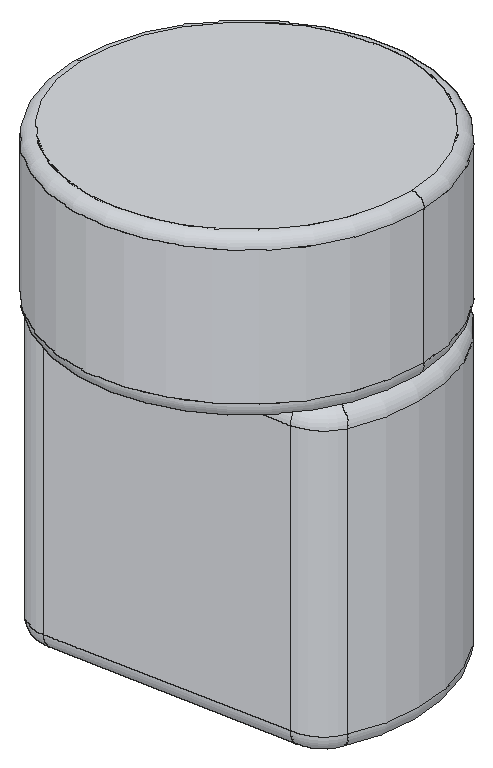
Revit family "Accessory-Cabinet_Knob-KOHLER-Composed-K-73155", category Specialty Equipment, host Face, Revit 2015
Parameters (values of type "CP-Polished Chrome")
  Width = 1"  # constant formula
  URL = "https://www.us.kohler.com/us/"
  Type = 1
  Product Page URL = "http://www.us.kohler.com/us/catalog/productDetails.jsp?productNumber=73155"
  Product Name = "Composed"  # constant formula
  Product Documentation Link = "http://www.us.kohler.com/onlinecatalog/pdf/K-73155_spec.pdf"
  Model = if(Type = 1, "K-73155-CP", if(Type = 2, "K-73155-TT", "NA"))  # "K-73155-CP"
  Material = "Premium Metal Construction"  # constant formula
  MasterFormat 2004 = "10.28.13"  # constant formula
  MasterFormat 1995 = "10820"  # constant formula
  Manufacturer Address = "444 Highland Dr, Kohler, WI 53044"  # constant formula
  Manufacturer = "KOHLER Co."  # constant formula
  Length = 3/4"  # constant formula
  Height = 3/4"  # constant formula
  Finish = Kohler-Metal-CP-Polished_Chrome
  Environmental Product Declaration = ""
  Description = "Cabinet knob"  # constant formula
  Default Elevation = 36"
  Declare Label = ""
  Date Modified = "09/20/2018"  # constant formula
  Date Created = "09/20/2018"  # constant formula
  Copyright = "Copyright KOHLER Co."  # constant formula
  Contact Us = "https://www.us.kohler.com/us/static/contact.jsp"
  Assembly Code = "C1030200"
  ADA Compliant = 1 = 0  # no
Types (3): name | Type | Model | Finish
  (no name) | 1 | "K-73155-CP" | Kohler-Metal-CP-Polished_Chrome
  CP-Polished Chrome | 1 | "K-73155-CP" | Kohler-Metal-CP-Polished_Chrome
  TT-Vibrant Titanium | 2 | "K-73155-TT" | Kohler-Metal-TT-Vibrant_Titanium
Reference planes (in)
  plane 1 "Center (Front/Back)": y = 0
  plane 2: z = 0
  plane 3 "Center (Left/Right)": x = 0
  plane 4: x = 0.37393
  plane 5: y = 0.37393
  plane 6: z = 1
  plane 7: y = -0.37607
  plane 8: x = -0.37607
Dimensions and locks (in)
  "Width": plane 6 to plane 2
  "Length": plane 8 to plane 4
  "Height": plane 5 to plane 7
  aligned and locked: plane 2 to host face
  aligned and locked: level to host face
Automatic sketch dimensions
  host sketch curve to host sketch curve = 96"  (x2)
Nested families (in)
  nested 1: "K-73155" at (0, 0, 0), type "K-73155"
Definition of nested family "K-73155"
  Parameters (values of type "K-73155")
    Cabinet Knob Material = none
  Reference planes (in)
    plane 1 "Center (Front/Back)": y = 0
    plane 2: z = 0
    plane 3 "Center (Left/Right)": x = 0
    plane 4: z = 1
    plane 5: x = 0.37393
    plane 6: x = -0.37393
    plane 7: y = 0.37442
    plane 8: y = -0.37442
  Forms (in)
    Sweep 1, solid, material <- "Cabinet Knob Material", detail levels medium+fine
      path origin (0, 0, 0) x (1, 0, 0) y (0, 1, 0)
        loop
          circle (0, 0) r 0.37393
      profile origin (0, 0.37393, 0) x (0, -1, 0) y (0, 0, 1)
        loop
          arc (-0.00049, 0.68321) -> (0.0093, 0.65956) -> (0.03296, 0.64976) r 0.03345
          line (0.03296, 0.64976) -> (0.06974, 0.64976) -> (0.06974, 1) -> (0.02469, 1)
          arc (0.02469, 1) -> (0.00688, 0.99262) -> (-0.00049, 0.97482) r 0.02518
          line (-0.00049, 0.97482) -> (-0.00049, 0.68321)
    Sweep 2, solid, material <- "Cabinet Knob Material", detail levels medium+fine
      path origin (0, 0, 0) x (1, 0, 0) y (0, 1, 0)
        loop
          arc (0.33939, -0.15695) -> (-0.0015, 0.37392) -> (-0.33812, -0.15968) r 0.37393
          arc (-0.33812, -0.15968) -> (-0.30684, -0.19508) -> (-0.26146, -0.20825) r 0.08477
          line (-0.26146, -0.20825) -> (0.25915, -0.20825)
          arc (0.25915, -0.20825) -> (0.30677, -0.19433) -> (0.33939, -0.15695) r 0.0884
      profile origin (-0.0015, 0.37392, 0) x (0.004023, -0.999992, 0) y (0, 0, 1)
        loop
          arc (-0.00049, 0.03691) -> (0.01032, 0.01081) -> (0.03642, 0) r 0.03691
          line (0.03642, 0) -> (0.06779, 0) -> (0.06779, 0.64976) -> (0.03372, 0.64976)
          arc (0.03372, 0.64976) -> (0.00953, 0.63974) -> (-0.00049, 0.61555) r 0.03421
          line (-0.00049, 0.61555) -> (-0.00049, 0.03691)
    Extrusion 3, solid, material <- "Cabinet Knob Material", detail levels medium+fine
      sketch origin (0, 0, 0) x (1, 0, 0) y (0, 1, 0)
        loop
          circle (0, 0) r 0.30418
      from 0.64976 to 1
    Extrusion 4, solid, material <- "Cabinet Knob Material", detail levels medium+fine
      sketch origin (0, 0, 0) x (1, 0, 0) y (0, 1, 0)
        loop
          arc (0.27906, -0.15218) -> (0, 0.31786) -> (-0.27906, -0.15218) r 0.31786
          line (-0.27906, -0.15218) -> (0.27906, -0.15218)
      from 0 to 0.64976
    Extrusion 5, solid, material <- "Cabinet Knob Material", detail levels coarse
      sketch origin (0, 0, 0) x (1, 0, 0) y (0, 1, 0)
        loop
          circle (0.00006, -0.00016) r 0.37488
      from 0 to 0.99831
  Cuts and joins
    joined: Sweep 1, Extrusion 3
    joined: Sweep 2, Extrusion 4
  Lines and regions (in)
    Masking region 1
      outline origin (0, 0, 0) x (1, 0, 0) y (0, 1, 0)
        loop
          circle (0, 0) r 0.37393
    Masking region 2
      outline origin (0, 0, 0) x (0, 1, 0) y (0, 0, 1)
        loop
          line (0.3508, 1) -> (-0.3499, 1)
          arc (-0.3499, 1) -> (-0.36724, 0.99282) -> (-0.37442, 0.97548) r 0.02452
          line (-0.37442, 0.97548) -> (-0.37442, 0.6828)
          arc (-0.37442, 0.6828) -> (-0.36474, 0.65944) -> (-0.34137, 0.64976) r 0.03305
          line (-0.34137, 0.64976) -> (-0.1751, 0.64976)
          arc (-0.1751, 0.64976) -> (-0.19889, 0.63991) -> (-0.20874, 0.61612) r 0.03364
          line (-0.20874, 0.61612) -> (-0.20874, 0.03776)
          arc (-0.20874, 0.03776) -> (-0.19768, 0.01106) -> (-0.17098, 0) r 0.03776
          line (-0.17098, 0) -> (0.33792, 0)
          arc (0.33792, 0) -> (0.36373, 0.01069) -> (0.37442, 0.0365) r 0.0365
          line (0.37442, 0.0365) -> (0.37442, 0.6163)
          arc (0.37442, 0.6163) -> (0.36462, 0.63996) -> (0.34096, 0.64976) r 0.03346
          arc (0.34096, 0.64976) -> (0.36477, 0.65941) -> (0.37442, 0.68271) r 0.03295
          line (0.37442, 0.68271) -> (0.37442, 0.97638)
          arc (0.37442, 0.97638) -> (0.3675, 0.99308) -> (0.3508, 1) r 0.02362
    Masking region 3
      outline origin (0, 0, 0) x (1, 0, 0) y (0, 0, 1)
        loop
          arc (0.37393, 0.97508) -> (0.36663, 0.9927) -> (0.34901, 1) r 0.02492
          line (0.34901, 1) -> (-0.34842, 1)
          arc (-0.34842, 1) -> (-0.36646, 0.99253) -> (-0.37393, 0.9745) r 0.0255
          line (-0.37393, 0.9745) -> (-0.37393, 0.68307)
          arc (-0.37393, 0.68307) -> (-0.36417, 0.65952) -> (-0.33882, 0.64976) r 0.03331
          arc (-0.33882, 0.64976) -> (-0.36364, 0.63948) -> (-0.37393, 0.61466) r 0.0351
          line (-0.37393, 0.61466) -> (-0.37393, 0.03555)
          arc (-0.37393, 0.03555) -> (-0.36351, 0.01041) -> (-0.33838, 0) r 0.03555
          line (-0.33838, 0) -> (0.33834, 0)
          arc (0.33834, 0) -> (0.3635, 0.01042) -> (0.37393, 0.03558) r 0.03558
          line (0.37393, 0.03558) -> (0.37393, 0.61668)
          arc (0.37393, 0.61668) -> (0.36424, 0.64007) -> (0.34133, 0.64976) r 0.03308
          arc (0.34133, 0.64976) -> (0.36438, 0.65931) -> (0.37393, 0.68236) r 0.0326
          line (0.37393, 0.68236) -> (0.37393, 0.97508)
    symbolic lines, detail levels medium+fine
      curve 1: line (0, 0.34147, 0.64976) -> (0, -0.1751, 0.64976)
      curve 2: line (-0.33882, 0, 0.64976) -> (0.34084, 0, 0.64976)
  Dimensions and locks (in)
    plane 6 to plane 5 = 0.74785"
    plane 7 to plane 8 = 0.74884"
    plane 4 to plane 2 = 1"
    aligned and locked: plane 2 to level
